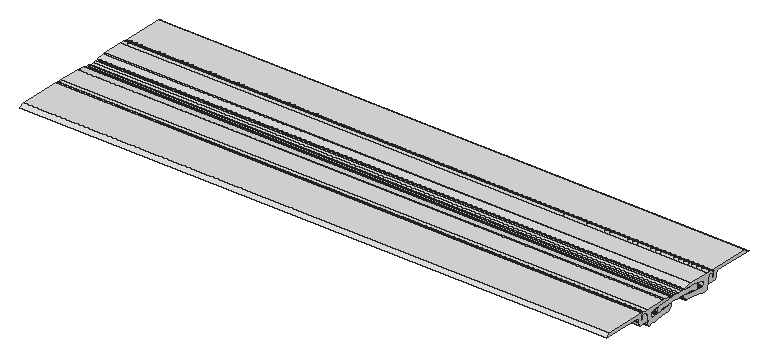
Revit family "Construction-Floors-Conecto-Aluminium Joints ALU AL.165.30", category Specialty Equipment, Revit 2015 (continued)
Definition of nested family "Standard"
  Forms (mm)
    Extrusion 30, solid, material <- "Material", visible <- "30"
      sketch origin (0, -265.421, -730.469) x (0, -1, 0) y (0, 0, -1)
        loop
          line (-340.863, -660.485) -> (-340.863, -659.059) -> (-342.827, -657.095) -> (-343.159, -658.006) -> (-344.212, -658.497) -> (-345.318, -657.859) -> (-345.803, -656.819) -> (-345.738, -655.889) -> (-345.115, -655.266) -> (-343.707, -655.266) -> (-343.805, -654.468) -> (-343.988, -653.531) -> (-344.095, -652.511) -> (-343.823, -650.323) -> (-343.232, -648.737) -> (-342.642, -648.207) -> (-339.236, -648.207) -> (-338.645, -648.739) -> (-338.645, -649.621) -> (-339.112, -650.265) -> (-339.668, -651.228) -> (-339.801, -652.062) -> (-339.869, -652.847) -> (-339.68, -653.737) -> (-339.094, -654.839) -> (-338.554, -655.46) -> (-337.82, -655.955) -> (-337.089, -656.265) -> (-336.282, -656.422) -> (-335.449, -656.451) -> (-334.669, -656.286) -> (-333.937, -656.005) -> (-333.023, -655.364) -> (-332.304, -654.214) -> (-331.904, -653.116) -> (-331.904, -645.504) -> (-331.904, -630.498) -> (-403.61, -630.498) -> (-405.147, -630.66) -> (-405.896, -631.009) -> (-405.896, -633.484) -> (-404.116, -634.512) -> (-402.262, -635.114) -> (-347.656, -635.114) -> (-344.385, -636.64) -> (-343.581, -636.64) -> (-342.956, -636.168) -> (-342.048, -635.706) -> (-340.815, -635.554) -> (-339.634, -635.699) -> (-338.504, -636.275) -> (-337.565, -637.215) -> (-336.849, -638.821) -> (-336.849, -640.438) -> (-337.305, -641.512) -> (-337.959, -642.446) -> (-338.885, -643.144) -> (-340.971, -643.587) -> (-343.49, -642.518) -> (-344.644, -642.375) -> (-348.087, -650.485) -> (-348.087, -660.485) -> (-340.863, -660.485)
      from 0 to 1000
  Dimensions and locks
    "Length": plane 3 "Center (Left/Right)" to plane 4
    equal spacing: plane 6, plane 1 "Center (Front/Back)", plane 5
    "Space": plane 6 to plane 5
    aligned and locked: level to plane 2
    aligned and locked: Extrusion 27 to plane 4
    aligned and locked: Extrusion 28 to plane 4
    aligned and locked: Extrusion 29 to plane 4
    aligned and locked: Extrusion 30 to plane 4
    aligned and locked: Extrusion 26 to plane 4
    aligned and locked: Extrusion 25 to plane 4
    aligned and locked: Extrusion 24 to plane 4
    aligned and locked: Extrusion 23 to plane 4
    aligned and locked: Extrusion 22 to plane 4
    aligned and locked: Extrusion 21 to plane 4
    aligned and locked: Extrusion 17 to plane 4
    aligned and locked: Extrusion 18 to plane 4
    aligned and locked: Extrusion 19 to plane 4
    aligned and locked: Extrusion 20 to plane 4
    aligned and locked: Extrusion 16 to plane 4
    aligned and locked: Extrusion 15 to plane 4
    aligned and locked: Extrusion 14 to plane 4
    aligned and locked: Extrusion 13 to plane 4
    aligned and locked: Extrusion 12 to plane 4
    aligned and locked: Extrusion 11 to plane 4
    aligned and locked: Extrusion 10 to plane 4
    aligned and locked: Extrusion 9 to plane 4
    aligned and locked: Extrusion 8 to plane 4
    aligned and locked: Extrusion 7 to plane 4
    aligned and locked: Extrusion 6 to plane 4
    aligned and locked: Extrusion 5 to plane 4
    aligned and locked: Extrusion 4 to plane 4
    aligned and locked: Extrusion 3 to plane 4
    aligned and locked: Extrusion 2 to plane 4
    aligned and locked: Extrusion 1 to plane 4
  Automatic sketch dimensions
    Extrusion 1 sketch curve to plane 6 = 0.018 mm
    Extrusion 1 sketch curve to plane 6 = 0.079 mm
    Extrusion 1 sketch curve to plane 6 = 0.145 mm
    Extrusion 1 sketch curve to plane 6 = 0.316 mm
    Extrusion 1 sketch curve to plane 6 = 0.483 mm
    Extrusion 1 sketch curve to plane 6 = 0.781 mm
    Extrusion 1 sketch curve to Extrusion 1 sketch curve = 0.503 mm
    Extrusion 1 sketch curve to Extrusion 1 sketch curve = 0.54 mm
    Extrusion 1 sketch curve to Extrusion 1 sketch curve = 0.665 mm  (x2)
    Extrusion 1 sketch curve to Extrusion 1 sketch curve = 0.708 mm
    Extrusion 1 sketch curve to Extrusion 1 sketch curve = 0.781 mm
    Extrusion 1 sketch curve to Extrusion 1 sketch curve = 0.844 mm
    Extrusion 1 sketch curve to Extrusion 1 sketch curve = 0.841 mm
    Extrusion 1 sketch curve to plane 6 = 5.776 mm
    Extrusion 1 sketch curve to Extrusion 1 sketch curve = 0.732 mm
    Extrusion 1 sketch curve to Extrusion 1 sketch curve = 0.654 mm
    Extrusion 1 sketch curve to Extrusion 1 sketch curve = 0.943 mm
    Extrusion 1 sketch curve to Extrusion 1 sketch curve = 0.22 mm
    Extrusion 1 sketch curve to Extrusion 1 sketch curve = 0.571 mm  (x2)
    Extrusion 1 sketch curve to Extrusion 1 sketch curve = 0.486 mm
    Extrusion 1 sketch curve to Extrusion 1 sketch curve = 0.771 mm
    Extrusion 1 sketch curve to Extrusion 1 sketch curve = 0.457 mm
    Extrusion 1 sketch curve to Extrusion 1 sketch curve = 0.352 mm
    Extrusion 1 sketch curve to Extrusion 1 sketch curve = 0.338 mm
    Extrusion 1 sketch curve to Extrusion 1 sketch curve = 0.188 mm
    Extrusion 1 sketch curve to Extrusion 1 sketch curve = 2.478 mm
    Extrusion 1 sketch curve to Extrusion 1 sketch curve = 0.077 mm
    Extrusion 1 sketch curve to Extrusion 1 sketch curve = 0.814 mm  (x2)
    Extrusion 1 sketch curve to Extrusion 1 sketch curve = 3.227 mm
    Extrusion 1 sketch curve to Extrusion 1 sketch curve = 1.773 mm
    Extrusion 1 sketch curve to Extrusion 1 sketch curve = 0.527 mm
    Extrusion 1 sketch curve to Extrusion 1 sketch curve = 0.616 mm
    Extrusion 1 sketch curve to Extrusion 1 sketch curve = 0.46 mm
    Extrusion 1 sketch curve to Extrusion 1 sketch curve = 1.069 mm
    Extrusion 1 sketch curve to Extrusion 1 sketch curve = 0.239 mm
    Extrusion 1 sketch curve to Extrusion 1 sketch curve = 0.299 mm
    Extrusion 1 sketch curve to Extrusion 1 sketch curve = 0.14 mm
    Extrusion 1 sketch curve to Extrusion 1 sketch curve = 0.051 mm
    Extrusion 1 sketch curve to Extrusion 1 sketch curve = 0.96 mm
    Extrusion 1 sketch curve to Extrusion 1 sketch curve = 0.932 mm
    Extrusion 1 sketch curve to Extrusion 1 sketch curve = 0.703 mm
    Extrusion 1 sketch curve to Extrusion 1 sketch curve = 0.807 mm
    Extrusion 1 sketch curve to Extrusion 1 sketch curve = 0.86 mm
    Extrusion 1 sketch curve to Extrusion 1 sketch curve = 0.342 mm
    Extrusion 1 sketch curve to plane 6 = 14.701 mm
    Extrusion 1 sketch curve to Extrusion 1 sketch curve = 6.486 mm
    Extrusion 1 sketch curve to Extrusion 1 sketch curve = 0.821 mm
    Extrusion 1 sketch curve to Extrusion 1 sketch curve = 0.721 mm
    Extrusion 1 sketch curve to Extrusion 1 sketch curve = 0.719 mm
    Extrusion 1 sketch curve to Extrusion 1 sketch curve = 0.829 mm
    Extrusion 1 sketch curve to Extrusion 1 sketch curve = 0.796 mm  (x2)
    Extrusion 1 sketch curve to Extrusion 1 sketch curve = 0.905 mm
    Extrusion 1 sketch curve to Extrusion 1 sketch curve = 0.964 mm
    Extrusion 1 sketch curve to Extrusion 1 sketch curve = 1.013 mm
    Extrusion 1 sketch curve to Extrusion 1 sketch curve = 0.867 mm
    Extrusion 1 sketch curve to Extrusion 1 sketch curve = 1.08 mm
    Extrusion 1 sketch curve to Extrusion 1 sketch curve = 0.826 mm
    Extrusion 1 sketch curve to Extrusion 1 sketch curve = 1.041 mm
    Extrusion 1 sketch curve to Extrusion 1 sketch curve = 0.869 mm
    Extrusion 1 sketch curve to Extrusion 1 sketch curve = 0.805 mm
    Extrusion 1 sketch curve to Extrusion 1 sketch curve = 0.791 mm
    Extrusion 1 sketch curve to Extrusion 1 sketch curve = 0.661 mm
    Extrusion 1 sketch curve to Extrusion 1 sketch curve = 0.6 mm
    Extrusion 1 sketch curve to Extrusion 1 sketch curve = 0.376 mm
    Extrusion 1 sketch curve to Extrusion 1 sketch curve = 0.465 mm
    Extrusion 1 sketch curve to Extrusion 1 sketch curve = 0.458 mm
    Extrusion 1 sketch curve to Extrusion 1 sketch curve = 0.345 mm
    Extrusion 1 sketch curve to Extrusion 1 sketch curve = 0.296 mm  (x2)
    Extrusion 1 sketch curve to Extrusion 1 sketch curve = 0.89 mm
    Extrusion 1 sketch curve to Extrusion 1 sketch curve = 0.179 mm
    Extrusion 1 sketch curve to Extrusion 1 sketch curve = 1.918 mm
    Extrusion 1 sketch curve to Extrusion 1 sketch curve = 1.017 mm
    Extrusion 1 sketch curve to Extrusion 1 sketch curve = 0.726 mm
    Extrusion 1 sketch curve to Extrusion 1 sketch curve = 0.9 mm
    Extrusion 1 sketch curve to Extrusion 1 sketch curve = 0.52 mm
    Extrusion 1 sketch curve to Extrusion 1 sketch curve = 1.176 mm
    Extrusion 1 sketch curve to Extrusion 1 sketch curve = 1.103 mm
    Extrusion 1 sketch curve to Extrusion 1 sketch curve = 0.335 mm
    Extrusion 1 sketch curve to Extrusion 1 sketch curve = 38.619 mm
    Extrusion 2 sketch curve to plane 6 = 0.015 mm
    Extrusion 2 sketch curve to plane 6 = 0.076 mm
    Extrusion 2 sketch curve to plane 6 = 0.142 mm
    Extrusion 2 sketch curve to plane 6 = 0.312 mm
    Extrusion 2 sketch curve to plane 6 = 0.48 mm
    Extrusion 2 sketch curve to plane 6 = 0.777 mm
    Extrusion 2 sketch curve to Extrusion 2 sketch curve = 0.503 mm
    Extrusion 2 sketch curve to Extrusion 2 sketch curve = 0.54 mm
    Extrusion 2 sketch curve to Extrusion 2 sketch curve = 0.665 mm  (x2)
    Extrusion 2 sketch curve to Extrusion 2 sketch curve = 0.708 mm
    Extrusion 2 sketch curve to Extrusion 2 sketch curve = 0.781 mm
    Extrusion 2 sketch curve to Extrusion 2 sketch curve = 0.844 mm
    Extrusion 2 sketch curve to Extrusion 2 sketch curve = 0.841 mm
    Extrusion 2 sketch curve to plane 6 = 5.772 mm
    Extrusion 2 sketch curve to Extrusion 2 sketch curve = 0.732 mm
    Extrusion 2 sketch curve to Extrusion 2 sketch curve = 0.654 mm
    Extrusion 2 sketch curve to Extrusion 2 sketch curve = 0.943 mm
    Extrusion 2 sketch curve to Extrusion 2 sketch curve = 0.22 mm
    Extrusion 2 sketch curve to Extrusion 2 sketch curve = 0.571 mm  (x2)
    Extrusion 2 sketch curve to Extrusion 2 sketch curve = 0.486 mm
    Extrusion 2 sketch curve to Extrusion 2 sketch curve = 0.771 mm
    Extrusion 2 sketch curve to Extrusion 2 sketch curve = 0.457 mm
    Extrusion 2 sketch curve to Extrusion 2 sketch curve = 0.352 mm
    Extrusion 2 sketch curve to Extrusion 2 sketch curve = 0.338 mm
    Extrusion 2 sketch curve to Extrusion 2 sketch curve = 0.188 mm
    Extrusion 2 sketch curve to Extrusion 2 sketch curve = 2.478 mm
    Extrusion 2 sketch curve to Extrusion 2 sketch curve = 0.077 mm
    Extrusion 2 sketch curve to Extrusion 2 sketch curve = 0.814 mm  (x2)
    Extrusion 2 sketch curve to Extrusion 2 sketch curve = 3.227 mm
    Extrusion 2 sketch curve to Extrusion 2 sketch curve = 1.773 mm
    Extrusion 2 sketch curve to Extrusion 2 sketch curve = 0.527 mm
    Extrusion 2 sketch curve to Extrusion 2 sketch curve = 0.616 mm
    Extrusion 2 sketch curve to Extrusion 2 sketch curve = 0.46 mm
    Extrusion 2 sketch curve to Extrusion 2 sketch curve = 1.069 mm
    Extrusion 2 sketch curve to Extrusion 2 sketch curve = 0.239 mm
    Extrusion 2 sketch curve to Extrusion 2 sketch curve = 0.299 mm
    Extrusion 2 sketch curve to Extrusion 2 sketch curve = 0.14 mm
    Extrusion 2 sketch curve to Extrusion 2 sketch curve = 0.051 mm
    Extrusion 2 sketch curve to Extrusion 2 sketch curve = 0.96 mm
    Extrusion 2 sketch curve to Extrusion 2 sketch curve = 0.932 mm
    Extrusion 2 sketch curve to Extrusion 2 sketch curve = 0.703 mm
    Extrusion 2 sketch curve to Extrusion 2 sketch curve = 0.807 mm
    Extrusion 2 sketch curve to Extrusion 2 sketch curve = 0.86 mm
    Extrusion 2 sketch curve to Extrusion 2 sketch curve = 0.342 mm
    Extrusion 2 sketch curve to plane 6 = 14.698 mm
    Extrusion 2 sketch curve to Extrusion 2 sketch curve = 6.486 mm
    Extrusion 2 sketch curve to Extrusion 2 sketch curve = 0.821 mm
    Extrusion 2 sketch curve to Extrusion 2 sketch curve = 0.721 mm
    Extrusion 2 sketch curve to Extrusion 2 sketch curve = 0.719 mm
    Extrusion 2 sketch curve to Extrusion 2 sketch curve = 0.829 mm
    Extrusion 2 sketch curve to Extrusion 2 sketch curve = 0.796 mm  (x2)
    Extrusion 2 sketch curve to Extrusion 2 sketch curve = 0.905 mm
    Extrusion 2 sketch curve to Extrusion 2 sketch curve = 0.964 mm
    Extrusion 2 sketch curve to Extrusion 2 sketch curve = 1.013 mm
    Extrusion 2 sketch curve to Extrusion 2 sketch curve = 0.867 mm
    Extrusion 2 sketch curve to Extrusion 2 sketch curve = 1.08 mm
    Extrusion 2 sketch curve to Extrusion 2 sketch curve = 0.826 mm
    Extrusion 2 sketch curve to Extrusion 2 sketch curve = 1.041 mm
    Extrusion 2 sketch curve to Extrusion 2 sketch curve = 0.869 mm
    Extrusion 2 sketch curve to Extrusion 2 sketch curve = 0.805 mm
    Extrusion 2 sketch curve to Extrusion 2 sketch curve = 0.791 mm
    Extrusion 2 sketch curve to Extrusion 2 sketch curve = 0.661 mm
    Extrusion 2 sketch curve to Extrusion 2 sketch curve = 0.6 mm
    Extrusion 2 sketch curve to Extrusion 2 sketch curve = 0.376 mm
    Extrusion 2 sketch curve to Extrusion 2 sketch curve = 0.465 mm
    Extrusion 2 sketch curve to Extrusion 2 sketch curve = 0.458 mm
    Extrusion 2 sketch curve to Extrusion 2 sketch curve = 0.345 mm
    Extrusion 2 sketch curve to Extrusion 2 sketch curve = 0.296 mm  (x2)
    Extrusion 2 sketch curve to Extrusion 2 sketch curve = 0.89 mm
    Extrusion 2 sketch curve to Extrusion 2 sketch curve = 0.179 mm
    Extrusion 2 sketch curve to Extrusion 2 sketch curve = 1.918 mm
    Extrusion 2 sketch curve to Extrusion 2 sketch curve = 1.017 mm
    Extrusion 2 sketch curve to Extrusion 2 sketch curve = 0.726 mm
    Extrusion 2 sketch curve to Extrusion 2 sketch curve = 0.9 mm
    Extrusion 2 sketch curve to Extrusion 2 sketch curve = 0.52 mm
    Extrusion 2 sketch curve to Extrusion 2 sketch curve = 1.176 mm
    Extrusion 2 sketch curve to Extrusion 2 sketch curve = 1.103 mm
    Extrusion 2 sketch curve to Extrusion 2 sketch curve = 0.335 mm
    Extrusion 2 sketch curve to Extrusion 2 sketch curve = 38.619 mm
    Extrusion 3 sketch curve to plane 6 = 0.016 mm
    Extrusion 3 sketch curve to plane 6 = 0.077 mm
    Extrusion 3 sketch curve to plane 6 = 0.144 mm
    Extrusion 3 sketch curve to plane 6 = 0.314 mm
    Extrusion 3 sketch curve to plane 6 = 0.481 mm
    Extrusion 3 sketch curve to plane 6 = 0.779 mm
    Extrusion 3 sketch curve to Extrusion 3 sketch curve = 0.503 mm
    Extrusion 3 sketch curve to Extrusion 3 sketch curve = 0.54 mm
    Extrusion 3 sketch curve to Extrusion 3 sketch curve = 0.665 mm  (x2)
    Extrusion 3 sketch curve to Extrusion 3 sketch curve = 0.708 mm
    Extrusion 3 sketch curve to Extrusion 3 sketch curve = 0.781 mm
    Extrusion 3 sketch curve to Extrusion 3 sketch curve = 0.844 mm
    Extrusion 3 sketch curve to Extrusion 3 sketch curve = 0.841 mm
    Extrusion 3 sketch curve to plane 6 = 5.774 mm
    Extrusion 3 sketch curve to Extrusion 3 sketch curve = 0.732 mm
    Extrusion 3 sketch curve to Extrusion 3 sketch curve = 0.654 mm
    Extrusion 3 sketch curve to Extrusion 3 sketch curve = 0.943 mm
    Extrusion 3 sketch curve to Extrusion 3 sketch curve = 0.22 mm
    Extrusion 3 sketch curve to Extrusion 3 sketch curve = 0.571 mm  (x2)
    Extrusion 3 sketch curve to Extrusion 3 sketch curve = 0.486 mm
    Extrusion 3 sketch curve to Extrusion 3 sketch curve = 0.771 mm
    Extrusion 3 sketch curve to Extrusion 3 sketch curve = 0.457 mm
    Extrusion 3 sketch curve to Extrusion 3 sketch curve = 0.352 mm
    Extrusion 3 sketch curve to Extrusion 3 sketch curve = 0.338 mm
    Extrusion 3 sketch curve to Extrusion 3 sketch curve = 0.188 mm
    Extrusion 3 sketch curve to Extrusion 3 sketch curve = 2.478 mm
    Extrusion 3 sketch curve to Extrusion 3 sketch curve = 0.077 mm
    Extrusion 3 sketch curve to Extrusion 3 sketch curve = 0.814 mm  (x2)
    Extrusion 3 sketch curve to Extrusion 3 sketch curve = 3.227 mm
    Extrusion 3 sketch curve to Extrusion 3 sketch curve = 1.773 mm
    Extrusion 3 sketch curve to Extrusion 3 sketch curve = 0.527 mm
    Extrusion 3 sketch curve to Extrusion 3 sketch curve = 0.616 mm
    Extrusion 3 sketch curve to Extrusion 3 sketch curve = 0.46 mm
    Extrusion 3 sketch curve to Extrusion 3 sketch curve = 1.069 mm
    Extrusion 3 sketch curve to Extrusion 3 sketch curve = 0.239 mm
    Extrusion 3 sketch curve to Extrusion 3 sketch curve = 0.299 mm
    Extrusion 3 sketch curve to Extrusion 3 sketch curve = 0.14 mm
    Extrusion 3 sketch curve to Extrusion 3 sketch curve = 0.051 mm
    Extrusion 3 sketch curve to Extrusion 3 sketch curve = 0.96 mm
    Extrusion 3 sketch curve to Extrusion 3 sketch curve = 0.932 mm
    Extrusion 3 sketch curve to Extrusion 3 sketch curve = 0.703 mm
    Extrusion 3 sketch curve to Extrusion 3 sketch curve = 0.807 mm
    Extrusion 3 sketch curve to Extrusion 3 sketch curve = 0.86 mm
    Extrusion 3 sketch curve to Extrusion 3 sketch curve = 0.342 mm
    Extrusion 3 sketch curve to plane 6 = 14.699 mm
    Extrusion 3 sketch curve to Extrusion 3 sketch curve = 6.486 mm
    Extrusion 3 sketch curve to Extrusion 3 sketch curve = 0.821 mm
    Extrusion 3 sketch curve to Extrusion 3 sketch curve = 0.721 mm
    Extrusion 3 sketch curve to Extrusion 3 sketch curve = 0.719 mm
    Extrusion 3 sketch curve to Extrusion 3 sketch curve = 0.829 mm
    Extrusion 3 sketch curve to Extrusion 3 sketch curve = 0.796 mm  (x2)
    Extrusion 3 sketch curve to Extrusion 3 sketch curve = 0.905 mm
    Extrusion 3 sketch curve to Extrusion 3 sketch curve = 0.964 mm
    Extrusion 3 sketch curve to Extrusion 3 sketch curve = 1.013 mm
    Extrusion 3 sketch curve to Extrusion 3 sketch curve = 0.867 mm
    Extrusion 3 sketch curve to Extrusion 3 sketch curve = 1.08 mm
    Extrusion 3 sketch curve to Extrusion 3 sketch curve = 0.826 mm
    Extrusion 3 sketch curve to Extrusion 3 sketch curve = 1.041 mm
    Extrusion 3 sketch curve to Extrusion 3 sketch curve = 0.869 mm
    Extrusion 3 sketch curve to Extrusion 3 sketch curve = 0.805 mm
    Extrusion 3 sketch curve to Extrusion 3 sketch curve = 0.791 mm
    Extrusion 3 sketch curve to Extrusion 3 sketch curve = 0.661 mm
    Extrusion 3 sketch curve to Extrusion 3 sketch curve = 0.6 mm
    Extrusion 3 sketch curve to Extrusion 3 sketch curve = 0.376 mm
    Extrusion 3 sketch curve to Extrusion 3 sketch curve = 0.465 mm
    Extrusion 3 sketch curve to Extrusion 3 sketch curve = 0.458 mm
    Extrusion 3 sketch curve to Extrusion 3 sketch curve = 0.345 mm
    Extrusion 3 sketch curve to Extrusion 3 sketch curve = 0.296 mm  (x2)
    Extrusion 3 sketch curve to Extrusion 3 sketch curve = 0.89 mm
    Extrusion 3 sketch curve to Extrusion 3 sketch curve = 0.179 mm
    Extrusion 3 sketch curve to Extrusion 3 sketch curve = 1.918 mm
    Extrusion 3 sketch curve to Extrusion 3 sketch curve = 1.017 mm
    Extrusion 3 sketch curve to Extrusion 3 sketch curve = 0.726 mm
    Extrusion 3 sketch curve to Extrusion 3 sketch curve = 0.9 mm
    Extrusion 3 sketch curve to Extrusion 3 sketch curve = 0.52 mm
    Extrusion 3 sketch curve to Extrusion 3 sketch curve = 1.176 mm
    Extrusion 3 sketch curve to Extrusion 3 sketch curve = 1.103 mm
    Extrusion 3 sketch curve to Extrusion 3 sketch curve = 0.335 mm
    Extrusion 3 sketch curve to Extrusion 3 sketch curve = 38.619 mm
    Extrusion 4 sketch curve to plane 6 = 0.017 mm
    Extrusion 4 sketch curve to plane 6 = 0.078 mm
    Extrusion 4 sketch curve to plane 6 = 0.144 mm
    Extrusion 4 sketch curve to plane 6 = 0.315 mm
    Extrusion 4 sketch curve to plane 6 = 0.482 mm
    Extrusion 4 sketch curve to plane 6 = 0.78 mm
    Extrusion 4 sketch curve to Extrusion 4 sketch curve = 0.503 mm
    Extrusion 4 sketch curve to Extrusion 4 sketch curve = 0.54 mm
    Extrusion 4 sketch curve to Extrusion 4 sketch curve = 0.665 mm  (x2)
    Extrusion 4 sketch curve to Extrusion 4 sketch curve = 0.708 mm
    Extrusion 4 sketch curve to Extrusion 4 sketch curve = 0.781 mm
    Extrusion 4 sketch curve to Extrusion 4 sketch curve = 0.844 mm
    Extrusion 4 sketch curve to Extrusion 4 sketch curve = 0.841 mm
    Extrusion 4 sketch curve to plane 6 = 5.775 mm
    Extrusion 4 sketch curve to Extrusion 4 sketch curve = 0.732 mm
    Extrusion 4 sketch curve to Extrusion 4 sketch curve = 0.654 mm
    Extrusion 4 sketch curve to Extrusion 4 sketch curve = 0.943 mm
    Extrusion 4 sketch curve to Extrusion 4 sketch curve = 0.22 mm
    Extrusion 4 sketch curve to Extrusion 4 sketch curve = 0.571 mm  (x2)
    Extrusion 4 sketch curve to Extrusion 4 sketch curve = 0.486 mm
    Extrusion 4 sketch curve to Extrusion 4 sketch curve = 0.771 mm
    Extrusion 4 sketch curve to Extrusion 4 sketch curve = 0.457 mm
    Extrusion 4 sketch curve to Extrusion 4 sketch curve = 0.352 mm
    Extrusion 4 sketch curve to Extrusion 4 sketch curve = 0.338 mm
    Extrusion 4 sketch curve to Extrusion 4 sketch curve = 0.188 mm
    Extrusion 4 sketch curve to Extrusion 4 sketch curve = 2.478 mm
    Extrusion 4 sketch curve to Extrusion 4 sketch curve = 0.077 mm
    Extrusion 4 sketch curve to Extrusion 4 sketch curve = 0.814 mm  (x2)
    Extrusion 4 sketch curve to Extrusion 4 sketch curve = 3.227 mm
    Extrusion 4 sketch curve to Extrusion 4 sketch curve = 1.773 mm
    Extrusion 4 sketch curve to Extrusion 4 sketch curve = 0.527 mm
    Extrusion 4 sketch curve to Extrusion 4 sketch curve = 0.616 mm
    Extrusion 4 sketch curve to Extrusion 4 sketch curve = 0.46 mm
    Extrusion 4 sketch curve to Extrusion 4 sketch curve = 1.069 mm
    Extrusion 4 sketch curve to Extrusion 4 sketch curve = 0.239 mm
    Extrusion 4 sketch curve to Extrusion 4 sketch curve = 0.299 mm
    Extrusion 4 sketch curve to Extrusion 4 sketch curve = 0.14 mm
    Extrusion 4 sketch curve to Extrusion 4 sketch curve = 0.051 mm
    Extrusion 4 sketch curve to Extrusion 4 sketch curve = 0.96 mm
    Extrusion 4 sketch curve to Extrusion 4 sketch curve = 0.932 mm
    Extrusion 4 sketch curve to Extrusion 4 sketch curve = 0.703 mm
    Extrusion 4 sketch curve to Extrusion 4 sketch curve = 0.807 mm
    Extrusion 4 sketch curve to Extrusion 4 sketch curve = 0.86 mm
    Extrusion 4 sketch curve to Extrusion 4 sketch curve = 0.342 mm
    Extrusion 4 sketch curve to plane 6 = 14.7 mm
    Extrusion 4 sketch curve to Extrusion 4 sketch curve = 6.486 mm
    Extrusion 4 sketch curve to Extrusion 4 sketch curve = 0.821 mm
    Extrusion 4 sketch curve to Extrusion 4 sketch curve = 0.721 mm
    Extrusion 4 sketch curve to Extrusion 4 sketch curve = 0.719 mm
    Extrusion 4 sketch curve to Extrusion 4 sketch curve = 0.829 mm
    Extrusion 4 sketch curve to Extrusion 4 sketch curve = 0.796 mm  (x2)
    Extrusion 4 sketch curve to Extrusion 4 sketch curve = 0.905 mm
    Extrusion 4 sketch curve to Extrusion 4 sketch curve = 0.964 mm
    Extrusion 4 sketch curve to Extrusion 4 sketch curve = 1.013 mm
    Extrusion 4 sketch curve to Extrusion 4 sketch curve = 0.867 mm
    Extrusion 4 sketch curve to Extrusion 4 sketch curve = 1.08 mm
    Extrusion 4 sketch curve to Extrusion 4 sketch curve = 0.826 mm
    Extrusion 4 sketch curve to Extrusion 4 sketch curve = 1.041 mm
    Extrusion 4 sketch curve to Extrusion 4 sketch curve = 0.869 mm
    Extrusion 4 sketch curve to Extrusion 4 sketch curve = 0.805 mm
    Extrusion 4 sketch curve to Extrusion 4 sketch curve = 0.791 mm
    Extrusion 4 sketch curve to Extrusion 4 sketch curve = 0.661 mm
    Extrusion 4 sketch curve to Extrusion 4 sketch curve = 0.6 mm
    Extrusion 4 sketch curve to Extrusion 4 sketch curve = 0.376 mm
    Extrusion 4 sketch curve to Extrusion 4 sketch curve = 0.465 mm
    Extrusion 4 sketch curve to Extrusion 4 sketch curve = 0.458 mm
    Extrusion 4 sketch curve to Extrusion 4 sketch curve = 0.345 mm
    Extrusion 4 sketch curve to Extrusion 4 sketch curve = 0.296 mm  (x2)
    Extrusion 4 sketch curve to Extrusion 4 sketch curve = 0.89 mm
    Extrusion 4 sketch curve to Extrusion 4 sketch curve = 0.179 mm
    Extrusion 4 sketch curve to Extrusion 4 sketch curve = 1.918 mm
    Extrusion 4 sketch curve to Extrusion 4 sketch curve = 1.017 mm
    Extrusion 4 sketch curve to Extrusion 4 sketch curve = 0.726 mm
    Extrusion 4 sketch curve to Extrusion 4 sketch curve = 0.9 mm
    Extrusion 4 sketch curve to Extrusion 4 sketch curve = 0.52 mm
    Extrusion 4 sketch curve to Extrusion 4 sketch curve = 1.176 mm
    Extrusion 4 sketch curve to Extrusion 4 sketch curve = 1.103 mm
    Extrusion 4 sketch curve to Extrusion 4 sketch curve = 0.335 mm
    Extrusion 4 sketch curve to Extrusion 4 sketch curve = 38.619 mm
    Extrusion 5 sketch curve to plane 6 = 0.018 mm
    Extrusion 5 sketch curve to plane 6 = 0.079 mm
    Extrusion 5 sketch curve to plane 6 = 0.145 mm
    Extrusion 5 sketch curve to plane 6 = 0.316 mm
    Extrusion 5 sketch curve to plane 6 = 0.483 mm
    Extrusion 5 sketch curve to plane 6 = 0.781 mm
    Extrusion 5 sketch curve to Extrusion 5 sketch curve = 0.503 mm
    Extrusion 5 sketch curve to Extrusion 5 sketch curve = 0.54 mm
    Extrusion 5 sketch curve to Extrusion 5 sketch curve = 0.665 mm  (x2)
    Extrusion 5 sketch curve to Extrusion 5 sketch curve = 0.708 mm
    Extrusion 5 sketch curve to Extrusion 5 sketch curve = 0.781 mm
    Extrusion 5 sketch curve to Extrusion 5 sketch curve = 0.844 mm
    Extrusion 5 sketch curve to Extrusion 5 sketch curve = 0.841 mm
    Extrusion 5 sketch curve to plane 6 = 5.776 mm
    Extrusion 5 sketch curve to Extrusion 5 sketch curve = 0.732 mm
    Extrusion 5 sketch curve to Extrusion 5 sketch curve = 0.654 mm
    Extrusion 5 sketch curve to Extrusion 5 sketch curve = 0.943 mm
    Extrusion 5 sketch curve to Extrusion 5 sketch curve = 0.22 mm
    Extrusion 5 sketch curve to Extrusion 5 sketch curve = 0.571 mm  (x2)
    Extrusion 5 sketch curve to Extrusion 5 sketch curve = 0.486 mm
    Extrusion 5 sketch curve to Extrusion 5 sketch curve = 0.771 mm
    Extrusion 5 sketch curve to Extrusion 5 sketch curve = 0.457 mm
    Extrusion 5 sketch curve to Extrusion 5 sketch curve = 0.352 mm
    Extrusion 5 sketch curve to Extrusion 5 sketch curve = 0.338 mm
    Extrusion 5 sketch curve to Extrusion 5 sketch curve = 0.188 mm
    Extrusion 5 sketch curve to Extrusion 5 sketch curve = 2.478 mm
    Extrusion 5 sketch curve to Extrusion 5 sketch curve = 0.077 mm
    Extrusion 5 sketch curve to Extrusion 5 sketch curve = 0.814 mm  (x2)
    Extrusion 5 sketch curve to Extrusion 5 sketch curve = 3.227 mm
    Extrusion 5 sketch curve to Extrusion 5 sketch curve = 1.773 mm
    Extrusion 5 sketch curve to Extrusion 5 sketch curve = 0.527 mm
    Extrusion 5 sketch curve to Extrusion 5 sketch curve = 0.616 mm
    Extrusion 5 sketch curve to Extrusion 5 sketch curve = 0.46 mm
    Extrusion 5 sketch curve to Extrusion 5 sketch curve = 1.069 mm
    Extrusion 5 sketch curve to Extrusion 5 sketch curve = 0.239 mm
    Extrusion 5 sketch curve to Extrusion 5 sketch curve = 0.299 mm
    Extrusion 5 sketch curve to Extrusion 5 sketch curve = 0.14 mm
    Extrusion 5 sketch curve to Extrusion 5 sketch curve = 0.051 mm
    Extrusion 5 sketch curve to Extrusion 5 sketch curve = 0.96 mm
    Extrusion 5 sketch curve to Extrusion 5 sketch curve = 0.932 mm
    Extrusion 5 sketch curve to Extrusion 5 sketch curve = 0.703 mm
    Extrusion 5 sketch curve to Extrusion 5 sketch curve = 0.807 mm
    Extrusion 5 sketch curve to Extrusion 5 sketch curve = 0.86 mm
    Extrusion 5 sketch curve to Extrusion 5 sketch curve = 0.342 mm
    Extrusion 5 sketch curve to plane 6 = 14.701 mm
    Extrusion 5 sketch curve to Extrusion 5 sketch curve = 6.486 mm
    Extrusion 5 sketch curve to Extrusion 5 sketch curve = 0.821 mm
    Extrusion 5 sketch curve to Extrusion 5 sketch curve = 0.721 mm
    Extrusion 5 sketch curve to Extrusion 5 sketch curve = 0.719 mm
    Extrusion 5 sketch curve to Extrusion 5 sketch curve = 0.829 mm
    Extrusion 5 sketch curve to Extrusion 5 sketch curve = 0.796 mm  (x2)
    Extrusion 5 sketch curve to Extrusion 5 sketch curve = 0.905 mm
    Extrusion 5 sketch curve to Extrusion 5 sketch curve = 0.964 mm
    Extrusion 5 sketch curve to Extrusion 5 sketch curve = 1.013 mm
    Extrusion 5 sketch curve to Extrusion 5 sketch curve = 0.867 mm
    Extrusion 5 sketch curve to Extrusion 5 sketch curve = 1.08 mm
    Extrusion 5 sketch curve to Extrusion 5 sketch curve = 0.826 mm
    Extrusion 5 sketch curve to Extrusion 5 sketch curve = 1.041 mm
    Extrusion 5 sketch curve to Extrusion 5 sketch curve = 0.869 mm
    Extrusion 5 sketch curve to Extrusion 5 sketch curve = 0.805 mm
    Extrusion 5 sketch curve to Extrusion 5 sketch curve = 0.791 mm
    Extrusion 5 sketch curve to Extrusion 5 sketch curve = 0.661 mm
    Extrusion 5 sketch curve to Extrusion 5 sketch curve = 0.6 mm
    Extrusion 5 sketch curve to Extrusion 5 sketch curve = 0.376 mm
    Extrusion 5 sketch curve to Extrusion 5 sketch curve = 0.465 mm
    Extrusion 5 sketch curve to Extrusion 5 sketch curve = 0.458 mm
    Extrusion 5 sketch curve to Extrusion 5 sketch curve = 0.345 mm
    Extrusion 5 sketch curve to Extrusion 5 sketch curve = 0.296 mm  (x2)
    Extrusion 5 sketch curve to Extrusion 5 sketch curve = 0.89 mm
    Extrusion 5 sketch curve to Extrusion 5 sketch curve = 0.179 mm
    Extrusion 5 sketch curve to Extrusion 5 sketch curve = 1.918 mm
    Extrusion 5 sketch curve to Extrusion 5 sketch curve = 1.017 mm
    Extrusion 5 sketch curve to Extrusion 5 sketch curve = 0.726 mm
    Extrusion 5 sketch curve to Extrusion 5 sketch curve = 0.9 mm
    Extrusion 5 sketch curve to Extrusion 5 sketch curve = 0.52 mm
    Extrusion 5 sketch curve to Extrusion 5 sketch curve = 1.176 mm
    Extrusion 5 sketch curve to Extrusion 5 sketch curve = 1.103 mm
    Extrusion 5 sketch curve to Extrusion 5 sketch curve = 0.335 mm
    Extrusion 5 sketch curve to Extrusion 5 sketch curve = 38.619 mm
    Extrusion 6 sketch curve to plane 6 = 0.015 mm
    Extrusion 6 sketch curve to plane 6 = 0.076 mm
    Extrusion 6 sketch curve to plane 6 = 0.142 mm
    Extrusion 6 sketch curve to plane 6 = 0.312 mm
    Extrusion 6 sketch curve to plane 6 = 0.48 mm
    Extrusion 6 sketch curve to plane 6 = 0.777 mm
    Extrusion 6 sketch curve to Extrusion 6 sketch curve = 0.503 mm
    Extrusion 6 sketch curve to Extrusion 6 sketch curve = 0.54 mm
    Extrusion 6 sketch curve to Extrusion 6 sketch curve = 0.665 mm  (x2)
    Extrusion 6 sketch curve to Extrusion 6 sketch curve = 0.708 mm
    Extrusion 6 sketch curve to Extrusion 6 sketch curve = 0.781 mm
    Extrusion 6 sketch curve to Extrusion 6 sketch curve = 0.844 mm
    Extrusion 6 sketch curve to Extrusion 6 sketch curve = 0.841 mm
    Extrusion 6 sketch curve to plane 6 = 5.772 mm
    Extrusion 6 sketch curve to Extrusion 6 sketch curve = 0.732 mm
    Extrusion 6 sketch curve to Extrusion 6 sketch curve = 0.654 mm
    Extrusion 6 sketch curve to Extrusion 6 sketch curve = 0.943 mm
    Extrusion 6 sketch curve to Extrusion 6 sketch curve = 0.22 mm
    Extrusion 6 sketch curve to Extrusion 6 sketch curve = 0.571 mm  (x2)
    Extrusion 6 sketch curve to Extrusion 6 sketch curve = 0.486 mm
    Extrusion 6 sketch curve to Extrusion 6 sketch curve = 0.771 mm
    Extrusion 6 sketch curve to Extrusion 6 sketch curve = 0.457 mm
    Extrusion 6 sketch curve to Extrusion 6 sketch curve = 0.352 mm
    Extrusion 6 sketch curve to Extrusion 6 sketch curve = 0.338 mm
    Extrusion 6 sketch curve to Extrusion 6 sketch curve = 0.188 mm
    Extrusion 6 sketch curve to Extrusion 6 sketch curve = 2.478 mm
    Extrusion 6 sketch curve to Extrusion 6 sketch curve = 0.077 mm
    Extrusion 6 sketch curve to Extrusion 6 sketch curve = 0.814 mm  (x2)
    Extrusion 6 sketch curve to Extrusion 6 sketch curve = 3.227 mm
    Extrusion 6 sketch curve to Extrusion 6 sketch curve = 1.773 mm
    Extrusion 6 sketch curve to Extrusion 6 sketch curve = 0.527 mm
    Extrusion 6 sketch curve to Extrusion 6 sketch curve = 0.616 mm
    Extrusion 6 sketch curve to Extrusion 6 sketch curve = 0.46 mm
    Extrusion 6 sketch curve to Extrusion 6 sketch curve = 1.069 mm
    Extrusion 6 sketch curve to Extrusion 6 sketch curve = 0.239 mm
    Extrusion 6 sketch curve to Extrusion 6 sketch curve = 0.299 mm
    Extrusion 6 sketch curve to Extrusion 6 sketch curve = 0.14 mm
    Extrusion 6 sketch curve to Extrusion 6 sketch curve = 0.051 mm
    Extrusion 6 sketch curve to Extrusion 6 sketch curve = 0.96 mm
    Extrusion 6 sketch curve to Extrusion 6 sketch curve = 0.932 mm
    Extrusion 6 sketch curve to Extrusion 6 sketch curve = 0.703 mm
    Extrusion 6 sketch curve to Extrusion 6 sketch curve = 0.807 mm
    Extrusion 6 sketch curve to Extrusion 6 sketch curve = 0.86 mm
    Extrusion 6 sketch curve to Extrusion 6 sketch curve = 0.342 mm
    Extrusion 6 sketch curve to plane 6 = 14.698 mm
    Extrusion 6 sketch curve to Extrusion 6 sketch curve = 6.486 mm
    Extrusion 6 sketch curve to Extrusion 6 sketch curve = 0.821 mm
    Extrusion 6 sketch curve to Extrusion 6 sketch curve = 0.721 mm
    Extrusion 6 sketch curve to Extrusion 6 sketch curve = 0.719 mm
    Extrusion 6 sketch curve to Extrusion 6 sketch curve = 0.829 mm
    Extrusion 6 sketch curve to Extrusion 6 sketch curve = 0.796 mm  (x2)
    Extrusion 6 sketch curve to Extrusion 6 sketch curve = 0.905 mm
    Extrusion 6 sketch curve to Extrusion 6 sketch curve = 0.964 mm
    Extrusion 6 sketch curve to Extrusion 6 sketch curve = 1.013 mm
    Extrusion 6 sketch curve to Extrusion 6 sketch curve = 0.867 mm
    Extrusion 6 sketch curve to Extrusion 6 sketch curve = 1.08 mm
    Extrusion 6 sketch curve to Extrusion 6 sketch curve = 0.826 mm
    Extrusion 6 sketch curve to Extrusion 6 sketch curve = 1.041 mm
    Extrusion 6 sketch curve to Extrusion 6 sketch curve = 0.869 mm
    Extrusion 6 sketch curve to Extrusion 6 sketch curve = 0.805 mm
    Extrusion 6 sketch curve to Extrusion 6 sketch curve = 0.791 mm
    Extrusion 6 sketch curve to Extrusion 6 sketch curve = 0.661 mm
    Extrusion 6 sketch curve to Extrusion 6 sketch curve = 0.6 mm
    Extrusion 6 sketch curve to Extrusion 6 sketch curve = 0.376 mm
    Extrusion 6 sketch curve to Extrusion 6 sketch curve = 0.465 mm
    Extrusion 6 sketch curve to Extrusion 6 sketch curve = 0.458 mm
    Extrusion 6 sketch curve to Extrusion 6 sketch curve = 0.345 mm
    Extrusion 6 sketch curve to Extrusion 6 sketch curve = 0.296 mm  (x2)
    Extrusion 6 sketch curve to Extrusion 6 sketch curve = 0.89 mm
    Extrusion 6 sketch curve to Extrusion 6 sketch curve = 0.179 mm
    Extrusion 6 sketch curve to Extrusion 6 sketch curve = 1.918 mm
    Extrusion 6 sketch curve to Extrusion 6 sketch curve = 1.017 mm
    Extrusion 6 sketch curve to Extrusion 6 sketch curve = 0.726 mm
    Extrusion 6 sketch curve to Extrusion 6 sketch curve = 0.9 mm
    Extrusion 6 sketch curve to Extrusion 6 sketch curve = 0.52 mm
    Extrusion 6 sketch curve to Extrusion 6 sketch curve = 1.176 mm
    Extrusion 6 sketch curve to Extrusion 6 sketch curve = 1.103 mm
    Extrusion 6 sketch curve to Extrusion 6 sketch curve = 0.335 mm
    Extrusion 6 sketch curve to Extrusion 6 sketch curve = 38.619 mm
    Extrusion 7 sketch curve to plane 6 = 0.016 mm
    Extrusion 7 sketch curve to plane 6 = 0.077 mm
    Extrusion 7 sketch curve to plane 6 = 0.144 mm
    Extrusion 7 sketch curve to plane 6 = 0.314 mm
    Extrusion 7 sketch curve to plane 6 = 0.481 mm
    Extrusion 7 sketch curve to plane 6 = 0.779 mm
    Extrusion 7 sketch curve to Extrusion 7 sketch curve = 0.503 mm
    Extrusion 7 sketch curve to Extrusion 7 sketch curve = 0.54 mm
    Extrusion 7 sketch curve to Extrusion 7 sketch curve = 0.665 mm  (x2)
    Extrusion 7 sketch curve to Extrusion 7 sketch curve = 0.708 mm
    Extrusion 7 sketch curve to Extrusion 7 sketch curve = 0.781 mm
    Extrusion 7 sketch curve to Extrusion 7 sketch curve = 0.844 mm
    Extrusion 7 sketch curve to Extrusion 7 sketch curve = 0.841 mm
    Extrusion 7 sketch curve to plane 6 = 5.774 mm
    Extrusion 7 sketch curve to Extrusion 7 sketch curve = 0.732 mm
    Extrusion 7 sketch curve to Extrusion 7 sketch curve = 0.654 mm
    Extrusion 7 sketch curve to Extrusion 7 sketch curve = 0.943 mm
    Extrusion 7 sketch curve to Extrusion 7 sketch curve = 0.22 mm
    Extrusion 7 sketch curve to Extrusion 7 sketch curve = 0.571 mm  (x2)
    Extrusion 7 sketch curve to Extrusion 7 sketch curve = 0.486 mm
    Extrusion 7 sketch curve to Extrusion 7 sketch curve = 0.771 mm
    Extrusion 7 sketch curve to Extrusion 7 sketch curve = 0.457 mm
    Extrusion 7 sketch curve to Extrusion 7 sketch curve = 0.352 mm
    Extrusion 7 sketch curve to Extrusion 7 sketch curve = 0.338 mm
    Extrusion 7 sketch curve to Extrusion 7 sketch curve = 0.188 mm
    Extrusion 7 sketch curve to Extrusion 7 sketch curve = 2.478 mm
    Extrusion 7 sketch curve to Extrusion 7 sketch curve = 0.077 mm
    Extrusion 7 sketch curve to Extrusion 7 sketch curve = 0.814 mm  (x2)
    Extrusion 7 sketch curve to Extrusion 7 sketch curve = 3.227 mm
    Extrusion 7 sketch curve to Extrusion 7 sketch curve = 1.773 mm
    Extrusion 7 sketch curve to Extrusion 7 sketch curve = 0.527 mm
    Extrusion 7 sketch curve to Extrusion 7 sketch curve = 0.616 mm
    Extrusion 7 sketch curve to Extrusion 7 sketch curve = 0.46 mm
    Extrusion 7 sketch curve to Extrusion 7 sketch curve = 1.069 mm
    Extrusion 7 sketch curve to Extrusion 7 sketch curve = 0.239 mm
    Extrusion 7 sketch curve to Extrusion 7 sketch curve = 0.299 mm
    Extrusion 7 sketch curve to Extrusion 7 sketch curve = 0.14 mm
    Extrusion 7 sketch curve to Extrusion 7 sketch curve = 0.051 mm
    Extrusion 7 sketch curve to Extrusion 7 sketch curve = 0.96 mm
    Extrusion 7 sketch curve to Extrusion 7 sketch curve = 0.932 mm
    Extrusion 7 sketch curve to Extrusion 7 sketch curve = 0.703 mm
    Extrusion 7 sketch curve to Extrusion 7 sketch curve = 0.807 mm
    Extrusion 7 sketch curve to Extrusion 7 sketch curve = 0.86 mm
    Extrusion 7 sketch curve to Extrusion 7 sketch curve = 0.342 mm
    Extrusion 7 sketch curve to plane 6 = 14.699 mm
    Extrusion 7 sketch curve to Extrusion 7 sketch curve = 6.486 mm
    Extrusion 7 sketch curve to Extrusion 7 sketch curve = 0.821 mm
    Extrusion 7 sketch curve to Extrusion 7 sketch curve = 0.721 mm
    Extrusion 7 sketch curve to Extrusion 7 sketch curve = 0.719 mm
    Extrusion 7 sketch curve to Extrusion 7 sketch curve = 0.829 mm
    Extrusion 7 sketch curve to Extrusion 7 sketch curve = 0.796 mm  (x2)
    Extrusion 7 sketch curve to Extrusion 7 sketch curve = 0.905 mm
    Extrusion 7 sketch curve to Extrusion 7 sketch curve = 0.964 mm
    Extrusion 7 sketch curve to Extrusion 7 sketch curve = 1.013 mm
    Extrusion 7 sketch curve to Extrusion 7 sketch curve = 0.867 mm
    Extrusion 7 sketch curve to Extrusion 7 sketch curve = 1.08 mm
    Extrusion 7 sketch curve to Extrusion 7 sketch curve = 0.826 mm
    Extrusion 7 sketch curve to Extrusion 7 sketch curve = 1.041 mm
    Extrusion 7 sketch curve to Extrusion 7 sketch curve = 0.869 mm
    Extrusion 7 sketch curve to Extrusion 7 sketch curve = 0.805 mm
    Extrusion 7 sketch curve to Extrusion 7 sketch curve = 0.791 mm
    Extrusion 7 sketch curve to Extrusion 7 sketch curve = 0.661 mm
    Extrusion 7 sketch curve to Extrusion 7 sketch curve = 0.6 mm
    Extrusion 7 sketch curve to Extrusion 7 sketch curve = 0.376 mm
    Extrusion 7 sketch curve to Extrusion 7 sketch curve = 0.465 mm
    Extrusion 7 sketch curve to Extrusion 7 sketch curve = 0.458 mm
    Extrusion 7 sketch curve to Extrusion 7 sketch curve = 0.345 mm
    Extrusion 7 sketch curve to Extrusion 7 sketch curve = 0.296 mm  (x2)
    Extrusion 7 sketch curve to Extrusion 7 sketch curve = 0.89 mm
    Extrusion 7 sketch curve to Extrusion 7 sketch curve = 0.179 mm
    Extrusion 7 sketch curve to Extrusion 7 sketch curve = 1.918 mm
    Extrusion 7 sketch curve to Extrusion 7 sketch curve = 1.017 mm
    Extrusion 7 sketch curve to Extrusion 7 sketch curve = 0.726 mm
    Extrusion 7 sketch curve to Extrusion 7 sketch curve = 0.9 mm
    Extrusion 7 sketch curve to Extrusion 7 sketch curve = 0.52 mm
    Extrusion 7 sketch curve to Extrusion 7 sketch curve = 1.176 mm
    Extrusion 7 sketch curve to Extrusion 7 sketch curve = 1.103 mm
    Extrusion 7 sketch curve to Extrusion 7 sketch curve = 0.335 mm
    Extrusion 7 sketch curve to Extrusion 7 sketch curve = 38.619 mm
    Extrusion 8 sketch curve to plane 6 = 0.017 mm
    Extrusion 8 sketch curve to plane 6 = 0.078 mm
    Extrusion 8 sketch curve to plane 6 = 0.144 mm
    Extrusion 8 sketch curve to plane 6 = 0.315 mm
    Extrusion 8 sketch curve to plane 6 = 0.482 mm
    Extrusion 8 sketch curve to plane 6 = 0.78 mm
    Extrusion 8 sketch curve to Extrusion 8 sketch curve = 0.503 mm
    Extrusion 8 sketch curve to Extrusion 8 sketch curve = 0.54 mm
    Extrusion 8 sketch curve to Extrusion 8 sketch curve = 0.665 mm  (x2)
    Extrusion 8 sketch curve to Extrusion 8 sketch curve = 0.708 mm
    Extrusion 8 sketch curve to Extrusion 8 sketch curve = 0.781 mm
    Extrusion 8 sketch curve to Extrusion 8 sketch curve = 0.844 mm
    Extrusion 8 sketch curve to Extrusion 8 sketch curve = 0.841 mm
    Extrusion 8 sketch curve to plane 6 = 5.775 mm
    Extrusion 8 sketch curve to Extrusion 8 sketch curve = 0.732 mm
    Extrusion 8 sketch curve to Extrusion 8 sketch curve = 0.654 mm
    Extrusion 8 sketch curve to Extrusion 8 sketch curve = 0.943 mm
    Extrusion 8 sketch curve to Extrusion 8 sketch curve = 0.22 mm
    Extrusion 8 sketch curve to Extrusion 8 sketch curve = 0.571 mm  (x2)
    Extrusion 8 sketch curve to Extrusion 8 sketch curve = 0.486 mm
    Extrusion 8 sketch curve to Extrusion 8 sketch curve = 0.771 mm
    Extrusion 8 sketch curve to Extrusion 8 sketch curve = 0.457 mm
    Extrusion 8 sketch curve to Extrusion 8 sketch curve = 0.352 mm
    Extrusion 8 sketch curve to Extrusion 8 sketch curve = 0.338 mm
    Extrusion 8 sketch curve to Extrusion 8 sketch curve = 0.188 mm
    Extrusion 8 sketch curve to Extrusion 8 sketch curve = 2.478 mm
    Extrusion 8 sketch curve to Extrusion 8 sketch curve = 0.077 mm
    Extrusion 8 sketch curve to Extrusion 8 sketch curve = 0.814 mm  (x2)
    Extrusion 8 sketch curve to Extrusion 8 sketch curve = 3.227 mm
    Extrusion 8 sketch curve to Extrusion 8 sketch curve = 1.773 mm
    Extrusion 8 sketch curve to Extrusion 8 sketch curve = 0.527 mm
    Extrusion 8 sketch curve to Extrusion 8 sketch curve = 0.616 mm
    Extrusion 8 sketch curve to Extrusion 8 sketch curve = 0.46 mm
    Extrusion 8 sketch curve to Extrusion 8 sketch curve = 1.069 mm
    Extrusion 8 sketch curve to Extrusion 8 sketch curve = 0.239 mm
    Extrusion 8 sketch curve to Extrusion 8 sketch curve = 0.299 mm
    Extrusion 8 sketch curve to Extrusion 8 sketch curve = 0.14 mm
    Extrusion 8 sketch curve to Extrusion 8 sketch curve = 0.051 mm
    Extrusion 8 sketch curve to Extrusion 8 sketch curve = 0.96 mm
    Extrusion 8 sketch curve to Extrusion 8 sketch curve = 0.932 mm
    Extrusion 8 sketch curve to Extrusion 8 sketch curve = 0.703 mm
    Extrusion 8 sketch curve to Extrusion 8 sketch curve = 0.807 mm
    Extrusion 8 sketch curve to Extrusion 8 sketch curve = 0.86 mm
    Extrusion 8 sketch curve to Extrusion 8 sketch curve = 0.342 mm
    Extrusion 8 sketch curve to plane 6 = 14.7 mm
    Extrusion 8 sketch curve to Extrusion 8 sketch curve = 6.486 mm
    Extrusion 8 sketch curve to Extrusion 8 sketch curve = 0.821 mm
    Extrusion 8 sketch curve to Extrusion 8 sketch curve = 0.721 mm
    Extrusion 8 sketch curve to Extrusion 8 sketch curve = 0.719 mm
    Extrusion 8 sketch curve to Extrusion 8 sketch curve = 0.829 mm
    Extrusion 8 sketch curve to Extrusion 8 sketch curve = 0.796 mm  (x2)
    Extrusion 8 sketch curve to Extrusion 8 sketch curve = 0.905 mm
    Extrusion 8 sketch curve to Extrusion 8 sketch curve = 0.964 mm
    Extrusion 8 sketch curve to Extrusion 8 sketch curve = 1.013 mm
    Extrusion 8 sketch curve to Extrusion 8 sketch curve = 0.867 mm
    Extrusion 8 sketch curve to Extrusion 8 sketch curve = 1.08 mm
    Extrusion 8 sketch curve to Extrusion 8 sketch curve = 0.826 mm
    Extrusion 8 sketch curve to Extrusion 8 sketch curve = 1.041 mm
    Extrusion 8 sketch curve to Extrusion 8 sketch curve = 0.869 mm
    Extrusion 8 sketch curve to Extrusion 8 sketch curve = 0.805 mm
    Extrusion 8 sketch curve to Extrusion 8 sketch curve = 0.791 mm
    Extrusion 8 sketch curve to Extrusion 8 sketch curve = 0.661 mm
    Extrusion 8 sketch curve to Extrusion 8 sketch curve = 0.6 mm
    Extrusion 8 sketch curve to Extrusion 8 sketch curve = 0.376 mm
    Extrusion 8 sketch curve to Extrusion 8 sketch curve = 0.465 mm
    Extrusion 8 sketch curve to Extrusion 8 sketch curve = 0.458 mm
    Extrusion 8 sketch curve to Extrusion 8 sketch curve = 0.345 mm
    Extrusion 8 sketch curve to Extrusion 8 sketch curve = 0.296 mm  (x2)
    Extrusion 8 sketch curve to Extrusion 8 sketch curve = 0.89 mm
    Extrusion 8 sketch curve to Extrusion 8 sketch curve = 0.179 mm
    Extrusion 8 sketch curve to Extrusion 8 sketch curve = 1.918 mm
    Extrusion 8 sketch curve to Extrusion 8 sketch curve = 1.017 mm
    Extrusion 8 sketch curve to Extrusion 8 sketch curve = 0.726 mm
    Extrusion 8 sketch curve to Extrusion 8 sketch curve = 0.9 mm
    Extrusion 8 sketch curve to Extrusion 8 sketch curve = 0.52 mm
    Extrusion 8 sketch curve to Extrusion 8 sketch curve = 1.176 mm
    Extrusion 8 sketch curve to Extrusion 8 sketch curve = 1.103 mm
    Extrusion 8 sketch curve to Extrusion 8 sketch curve = 0.335 mm
    Extrusion 8 sketch curve to Extrusion 8 sketch curve = 38.619 mm
    Extrusion 9 sketch curve to plane 6 = 0.003 mm
    Extrusion 9 sketch curve to plane 6 = 0.064 mm
    Extrusion 9 sketch curve to plane 6 = 0.13 mm
    Extrusion 9 sketch curve to plane 6 = 0.301 mm
    Extrusion 9 sketch curve to plane 6 = 0.468 mm
    Extrusion 9 sketch curve to plane 6 = 0.766 mm
    Extrusion 9 sketch curve to Extrusion 9 sketch curve = 0.503 mm
    Extrusion 9 sketch curve to Extrusion 9 sketch curve = 0.54 mm
    Extrusion 9 sketch curve to Extrusion 9 sketch curve = 0.665 mm  (x2)
    Extrusion 9 sketch curve to Extrusion 9 sketch curve = 0.708 mm
    Extrusion 9 sketch curve to Extrusion 9 sketch curve = 0.781 mm
    Extrusion 9 sketch curve to Extrusion 9 sketch curve = 0.844 mm
    Extrusion 9 sketch curve to Extrusion 9 sketch curve = 0.841 mm
    Extrusion 9 sketch curve to plane 6 = 5.76 mm
    Extrusion 9 sketch curve to Extrusion 9 sketch curve = 0.732 mm
    Extrusion 9 sketch curve to Extrusion 9 sketch curve = 0.654 mm
    Extrusion 9 sketch curve to Extrusion 9 sketch curve = 0.943 mm
    Extrusion 9 sketch curve to Extrusion 9 sketch curve = 0.22 mm
    Extrusion 9 sketch curve to Extrusion 9 sketch curve = 0.571 mm  (x2)
    Extrusion 9 sketch curve to Extrusion 9 sketch curve = 0.486 mm
    Extrusion 9 sketch curve to Extrusion 9 sketch curve = 0.771 mm
    Extrusion 9 sketch curve to Extrusion 9 sketch curve = 0.457 mm
    Extrusion 9 sketch curve to Extrusion 9 sketch curve = 0.352 mm
    Extrusion 9 sketch curve to Extrusion 9 sketch curve = 0.338 mm
    Extrusion 9 sketch curve to Extrusion 9 sketch curve = 0.188 mm
    Extrusion 9 sketch curve to Extrusion 9 sketch curve = 2.478 mm
    Extrusion 9 sketch curve to Extrusion 9 sketch curve = 0.077 mm
    Extrusion 9 sketch curve to Extrusion 9 sketch curve = 0.814 mm  (x2)
    Extrusion 9 sketch curve to Extrusion 9 sketch curve = 3.227 mm
    Extrusion 9 sketch curve to Extrusion 9 sketch curve = 1.773 mm
    Extrusion 9 sketch curve to Extrusion 9 sketch curve = 0.527 mm
    Extrusion 9 sketch curve to Extrusion 9 sketch curve = 0.616 mm
    Extrusion 9 sketch curve to Extrusion 9 sketch curve = 0.46 mm
    Extrusion 9 sketch curve to Extrusion 9 sketch curve = 1.069 mm
    Extrusion 9 sketch curve to Extrusion 9 sketch curve = 0.239 mm
    Extrusion 9 sketch curve to Extrusion 9 sketch curve = 0.299 mm
    Extrusion 9 sketch curve to Extrusion 9 sketch curve = 0.14 mm
    Extrusion 9 sketch curve to Extrusion 9 sketch curve = 0.051 mm
    Extrusion 9 sketch curve to Extrusion 9 sketch curve = 0.96 mm
    Extrusion 9 sketch curve to Extrusion 9 sketch curve = 0.932 mm
    Extrusion 9 sketch curve to Extrusion 9 sketch curve = 0.703 mm
    Extrusion 9 sketch curve to Extrusion 9 sketch curve = 0.807 mm
    Extrusion 9 sketch curve to Extrusion 9 sketch curve = 0.86 mm
    Extrusion 9 sketch curve to Extrusion 9 sketch curve = 0.342 mm
    Extrusion 9 sketch curve to plane 6 = 14.686 mm
    Extrusion 9 sketch curve to Extrusion 9 sketch curve = 6.486 mm
    Extrusion 9 sketch curve to Extrusion 9 sketch curve = 0.821 mm
    Extrusion 9 sketch curve to Extrusion 9 sketch curve = 0.721 mm
    Extrusion 9 sketch curve to Extrusion 9 sketch curve = 0.719 mm
    Extrusion 9 sketch curve to Extrusion 9 sketch curve = 0.829 mm
    Extrusion 9 sketch curve to Extrusion 9 sketch curve = 0.796 mm  (x2)
    Extrusion 9 sketch curve to Extrusion 9 sketch curve = 0.905 mm
    Extrusion 9 sketch curve to Extrusion 9 sketch curve = 0.964 mm
    Extrusion 9 sketch curve to Extrusion 9 sketch curve = 1.013 mm
    Extrusion 9 sketch curve to Extrusion 9 sketch curve = 0.867 mm
    Extrusion 9 sketch curve to Extrusion 9 sketch curve = 1.08 mm
    Extrusion 9 sketch curve to Extrusion 9 sketch curve = 0.826 mm
    Extrusion 9 sketch curve to Extrusion 9 sketch curve = 1.041 mm
    Extrusion 9 sketch curve to Extrusion 9 sketch curve = 0.869 mm
    Extrusion 9 sketch curve to Extrusion 9 sketch curve = 0.805 mm
    Extrusion 9 sketch curve to Extrusion 9 sketch curve = 0.791 mm
    Extrusion 9 sketch curve to Extrusion 9 sketch curve = 0.661 mm
    Extrusion 9 sketch curve to Extrusion 9 sketch curve = 0.6 mm
    Extrusion 9 sketch curve to Extrusion 9 sketch curve = 0.376 mm
    Extrusion 9 sketch curve to Extrusion 9 sketch curve = 0.465 mm
    Extrusion 9 sketch curve to Extrusion 9 sketch curve = 0.458 mm
    Extrusion 9 sketch curve to Extrusion 9 sketch curve = 0.345 mm
    Extrusion 9 sketch curve to Extrusion 9 sketch curve = 0.296 mm  (x2)
    Extrusion 9 sketch curve to Extrusion 9 sketch curve = 0.89 mm
    Extrusion 9 sketch curve to Extrusion 9 sketch curve = 0.179 mm
    Extrusion 9 sketch curve to Extrusion 9 sketch curve = 1.918 mm
    Extrusion 9 sketch curve to Extrusion 9 sketch curve = 1.017 mm
    Extrusion 9 sketch curve to Extrusion 9 sketch curve = 0.726 mm
    Extrusion 9 sketch curve to Extrusion 9 sketch curve = 0.9 mm
    Extrusion 9 sketch curve to Extrusion 9 sketch curve = 0.52 mm
    Extrusion 9 sketch curve to Extrusion 9 sketch curve = 1.176 mm
    Extrusion 9 sketch curve to Extrusion 9 sketch curve = 1.103 mm
    Extrusion 9 sketch curve to Extrusion 9 sketch curve = 0.335 mm
    Extrusion 9 sketch curve to Extrusion 9 sketch curve = 38.619 mm
    Extrusion 10 sketch curve to plane 6 = 0 mm
    Extrusion 10 sketch curve to plane 6 = 0.061 mm
    Extrusion 10 sketch curve to plane 6 = 0.127 mm
    Extrusion 10 sketch curve to plane 6 = 0.297 mm
    Extrusion 10 sketch curve to plane 6 = 0.465 mm
    Extrusion 10 sketch curve to plane 6 = 0.762 mm
    Extrusion 10 sketch curve to Extrusion 10 sketch curve = 0.503 mm
    Extrusion 10 sketch curve to Extrusion 10 sketch curve = 0.54 mm
    Extrusion 10 sketch curve to Extrusion 10 sketch curve = 0.665 mm  (x2)
    Extrusion 10 sketch curve to Extrusion 10 sketch curve = 0.708 mm
    Extrusion 10 sketch curve to Extrusion 10 sketch curve = 0.781 mm
    Extrusion 10 sketch curve to Extrusion 10 sketch curve = 0.844 mm
    Extrusion 10 sketch curve to Extrusion 10 sketch curve = 0.841 mm
    Extrusion 10 sketch curve to plane 6 = 5.757 mm
    Extrusion 10 sketch curve to Extrusion 10 sketch curve = 0.732 mm
    Extrusion 10 sketch curve to Extrusion 10 sketch curve = 0.654 mm
    Extrusion 10 sketch curve to Extrusion 10 sketch curve = 0.943 mm
    Extrusion 10 sketch curve to Extrusion 10 sketch curve = 0.22 mm
    Extrusion 10 sketch curve to Extrusion 10 sketch curve = 0.571 mm  (x2)
    Extrusion 10 sketch curve to Extrusion 10 sketch curve = 0.486 mm
    Extrusion 10 sketch curve to Extrusion 10 sketch curve = 0.771 mm
    Extrusion 10 sketch curve to Extrusion 10 sketch curve = 0.457 mm
    Extrusion 10 sketch curve to Extrusion 10 sketch curve = 0.352 mm
    Extrusion 10 sketch curve to Extrusion 10 sketch curve = 0.338 mm
    Extrusion 10 sketch curve to Extrusion 10 sketch curve = 0.188 mm
    Extrusion 10 sketch curve to Extrusion 10 sketch curve = 2.478 mm
    Extrusion 10 sketch curve to Extrusion 10 sketch curve = 0.077 mm
    Extrusion 10 sketch curve to Extrusion 10 sketch curve = 0.814 mm  (x2)
    Extrusion 10 sketch curve to Extrusion 10 sketch curve = 3.227 mm
    Extrusion 10 sketch curve to Extrusion 10 sketch curve = 1.773 mm
    Extrusion 10 sketch curve to Extrusion 10 sketch curve = 0.527 mm
    Extrusion 10 sketch curve to Extrusion 10 sketch curve = 0.616 mm
    Extrusion 10 sketch curve to Extrusion 10 sketch curve = 0.46 mm
    Extrusion 10 sketch curve to Extrusion 10 sketch curve = 1.069 mm
    Extrusion 10 sketch curve to Extrusion 10 sketch curve = 0.239 mm
    Extrusion 10 sketch curve to Extrusion 10 sketch curve = 0.299 mm
    Extrusion 10 sketch curve to Extrusion 10 sketch curve = 0.14 mm
    Extrusion 10 sketch curve to Extrusion 10 sketch curve = 0.051 mm
    Extrusion 10 sketch curve to Extrusion 10 sketch curve = 0.96 mm
    Extrusion 10 sketch curve to Extrusion 10 sketch curve = 0.932 mm
    Extrusion 10 sketch curve to Extrusion 10 sketch curve = 0.703 mm
    Extrusion 10 sketch curve to Extrusion 10 sketch curve = 0.807 mm
    Extrusion 10 sketch curve to Extrusion 10 sketch curve = 0.86 mm
    Extrusion 10 sketch curve to Extrusion 10 sketch curve = 0.342 mm
    Extrusion 10 sketch curve to plane 6 = 14.683 mm
    Extrusion 10 sketch curve to Extrusion 10 sketch curve = 6.486 mm
    Extrusion 10 sketch curve to Extrusion 10 sketch curve = 0.821 mm
    Extrusion 10 sketch curve to Extrusion 10 sketch curve = 0.721 mm
    Extrusion 10 sketch curve to Extrusion 10 sketch curve = 0.719 mm
    Extrusion 10 sketch curve to Extrusion 10 sketch curve = 0.829 mm
    Extrusion 10 sketch curve to Extrusion 10 sketch curve = 0.796 mm  (x2)
    Extrusion 10 sketch curve to Extrusion 10 sketch curve = 0.905 mm
    Extrusion 10 sketch curve to Extrusion 10 sketch curve = 0.964 mm
    Extrusion 10 sketch curve to Extrusion 10 sketch curve = 1.013 mm
    Extrusion 10 sketch curve to Extrusion 10 sketch curve = 0.867 mm
    Extrusion 10 sketch curve to Extrusion 10 sketch curve = 1.08 mm
    Extrusion 10 sketch curve to Extrusion 10 sketch curve = 0.826 mm
    Extrusion 10 sketch curve to Extrusion 10 sketch curve = 1.041 mm
    Extrusion 10 sketch curve to Extrusion 10 sketch curve = 0.869 mm
    Extrusion 10 sketch curve to Extrusion 10 sketch curve = 0.805 mm
    Extrusion 10 sketch curve to Extrusion 10 sketch curve = 0.791 mm
    Extrusion 10 sketch curve to Extrusion 10 sketch curve = 0.661 mm
    Extrusion 10 sketch curve to Extrusion 10 sketch curve = 0.6 mm
    Extrusion 10 sketch curve to Extrusion 10 sketch curve = 0.376 mm
    Extrusion 10 sketch curve to Extrusion 10 sketch curve = 0.465 mm
    Extrusion 10 sketch curve to Extrusion 10 sketch curve = 0.458 mm
    Extrusion 10 sketch curve to Extrusion 10 sketch curve = 0.345 mm
    Extrusion 10 sketch curve to Extrusion 10 sketch curve = 0.296 mm  (x2)
    Extrusion 10 sketch curve to Extrusion 10 sketch curve = 0.89 mm
    Extrusion 10 sketch curve to Extrusion 10 sketch curve = 0.179 mm
    Extrusion 10 sketch curve to Extrusion 10 sketch curve = 1.918 mm
    Extrusion 10 sketch curve to Extrusion 10 sketch curve = 1.017 mm
    Extrusion 10 sketch curve to Extrusion 10 sketch curve = 0.726 mm
    Extrusion 10 sketch curve to Extrusion 10 sketch curve = 0.9 mm
    Extrusion 10 sketch curve to Extrusion 10 sketch curve = 0.52 mm
    Extrusion 10 sketch curve to Extrusion 10 sketch curve = 1.176 mm
    Extrusion 10 sketch curve to Extrusion 10 sketch curve = 1.103 mm
    Extrusion 10 sketch curve to Extrusion 10 sketch curve = 0.335 mm
    Extrusion 10 sketch curve to Extrusion 10 sketch curve = 38.619 mm
    plane 5 to Extrusion 11 sketch curve = 76.237 mm
    Extrusion 11 sketch curve to Extrusion 11 sketch curve = 0.134 mm
    Extrusion 11 sketch curve to Extrusion 11 sketch curve = 0.685 mm  (x2)
    Extrusion 11 sketch curve to Extrusion 11 sketch curve = 0.826 mm
    Extrusion 11 sketch curve to Extrusion 11 sketch curve = 1.425 mm
